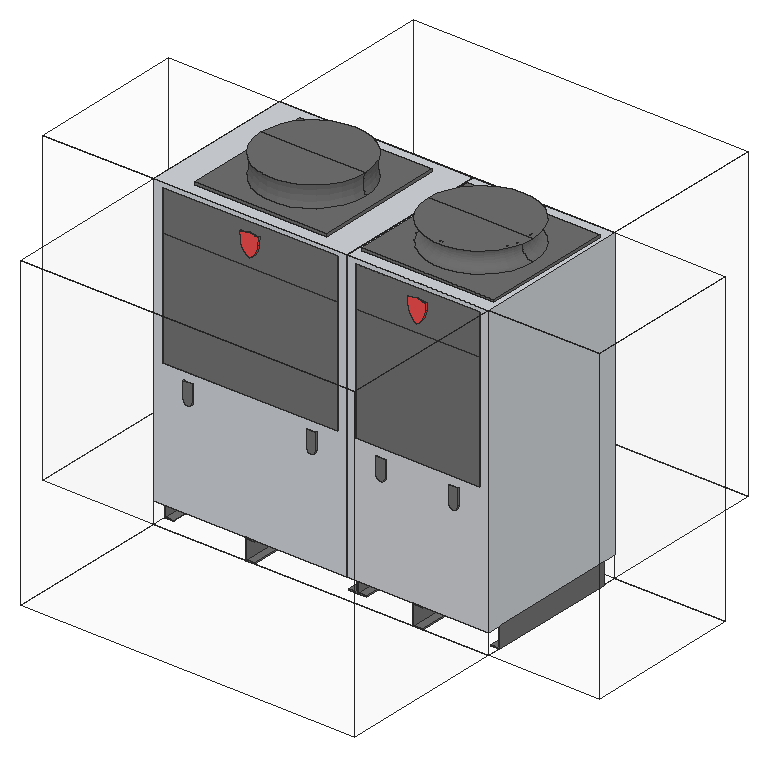
Revit family "Air Source 200,000 BTU", category Mechanical Equipment, Revit 2018
Family settings
  Round Connector Dimension = Use Diameter
  Part Type = Normal
  Work Plane-Based = No
  Always vertical = Yes
  Cut with Voids When Loaded = No
  Shared = No
  Room Calculation Point = No
Parameters (values of type "200,000 BTU")
  WEIGHT = "1,328"
  WATER CONN SIZE = 1 1/2"
  UNIT WIDTH = 41 5/8"
  UNIT LENGTH = 34"
  URL = ""
  SES BIM Studio # = "23 0649 01"
  Manufacturer = "Lochinvar"
  Lbs.R513a = "26"
  Description = "Air Source Heat Pump Water Heater"
  Compressor Type = "Scroll"
  Clearance Right = 24"
  Clearance Rear = 36"
  Clearance Left = 24"
  Clearance Front = 36"
  Clearance [instance] = yes
  BTUH Heating = "196,424"
  Air Volume (CFM) = "7,683"
  440V-480V/3PH/60HZ RLA = "53"
  440V-480V/3PH/60HZ MOCP = "70"
  440V-480V/3PH/60HZ MCA = "66.25"
Reference planes (in)
  plane 1 "Unit Back": y = 0
  plane 2: z = 0
  plane 3 "Center (Left/Right)": x = 0
  plane 4 "Support Top": z = 4.5
  plane 5 "Unit Body Top": z = 66.75
  plane 6 "Fan Top": z = 71.75
  plane 7 "Fan Center": y = -17
  plane 8 "Unit Front": y = -34
  plane 9 "Unit Body Plate Top": z = 67.25
  plane 10 "Unit Right": x = 20.8125
  plane 11 "Unit Left": x = -20.8125
  plane 12 "Water Inlet Center": z = 7.5
  plane 13 "Water Outlet Center": z = 13.5
  plane 14 "Water Inlet/Outlet Center": x = -1.3125
  plane 15 "Flange Back": y = 4.5
  plane 16 "Pipe Back": y = 4.25
  plane 17 "Support Front": y = -31
  plane 18 "Support Back": y = -3
  plane 19: x = 11.25
  plane 20: x = -11.25
  plane 21: x = -2
  plane 22: x = 2
  plane 23: x = -14.25
  plane 24: x = 14.25
  plane 25: y = -2.75
  plane 26: y = -31.25
  plane 27: y = -70
  plane 28: y = 36
  plane 29: x = 75.4375
  plane 30: x = -44.8125
  plane 31: x = 51.4375
Forms (in)
  Extrusion 1, solid
    sketch origin (0, 0, 4.5) x (-1, 0, 0) y (0, -1, 0)
      loop
        line (20.8125, 0) -> (20.8125, 34) -> (-20.8125, 34) -> (-20.8125, 0) -> (20.8125, 0)
    from 0 to 62.25
  Revolve 2, solid, material "Grille/Fan/Supports"
    sketch origin (0, -17, 0) x (-1, 0, 0) y (0, 0, 1)
      loop
        line (0, 71.75) -> (-11.25, 71.75)
        arc (-11.25, 71.75) -> (-10.8028, 69.5) -> (-11.25, 67.25) r 5.88383
        line (-11.25, 67.25) -> (0, 67.25) -> (0, 71.75)
      axis (0, 71.75) -> (0, 67.25)
    angle from 0 to 360
  Extrusion 3, solid, material "Grille/Fan/Supports"
    sketch origin (0, 0, 66.75) x (-1, 0, 0) y (0, -1, 0)
      loop
        line (14.25, 2.75) -> (14.25, 31.25) -> (-14.25, 31.25) -> (-14.25, 2.75) -> (14.25, 2.75)
    from 0 to 0.5
  Extrusion 4, solid
    sketch origin (-20.8125, 0, 4.5) x (1, 0, 0) y (0, 0, -1)
      loop
        circle (19.5, -3) r 0.75
      loop
        circle (19.5, -9) r 0.75
    from 0 to 4.25
  Extrusion 5, solid
    sketch origin (-20.8125, 4.25, 4.5) x (1, 0, 0) y (0, 0, -1)
      loop
        circle (19.5, -9) r 2.25
      loop
        circle (19.5, -3) r 2.25
    from 0 to 0.25
  Extrusion 6, solid, material "Grille/Fan/Supports"
    sketch origin (0, -31, 0) x (-1, 0, 0) y (0, 0, 1)
      loop
        line (20.8125, 4.5) -> (18.8125, 4.5) -> (18.8125, 4.3125) -> (20.625, 4.3125) -> (20.625, 0.1875) -> (18.8125, 0.1875) -> (18.8125, 0) -> (20.8125, 0) -> (20.8125, 4.5)
      loop
        line (-20.8125, 4.5) -> (-20.8125, 0) -> (-18.8125, 0) -> (-18.8125, 0.1875) -> (-20.625, 0.1875) -> (-20.625, 4.3125) -> (-18.8125, 4.3125) -> (-18.8125, 4.5) -> (-20.8125, 4.5)
    from 0 to 28
  Extrusion 7, solid, material "Grille/Fan/Supports"
    sketch origin (0, -34, 0) x (-1, 0, 0) y (0, 0, 1)
      loop
        line (1, 4.5) -> (-1, 4.5) -> (-1, 4.3125) -> (0.8125, 4.3125) -> (0.8125, 0.1875) -> (-1, 0.1875) -> (-1, 0) -> (1, 0) -> (1, 4.5)
    from 0 to 34
  Extrusion 8, solid, material "Grille/Fan/Supports"
    sketch origin (20.8125, -34, 4.5) x (-1, 0, 0) y (0, 0, -1)
      loop
        line (35.125, -25.6875) -> (35.125, -22.1875)
        arc (35.125, -22.1875) -> (34.125, -21.1875) -> (33.125, -22.1875) r 1
        line (33.125, -22.1875) -> (33.125, -25.6875) -> (35.125, -25.6875)
      loop
        line (6.5, -25.6875) -> (8.5, -25.6875) -> (8.5, -22.1875)
        arc (8.5, -22.1875) -> (7.5, -21.1875) -> (6.5, -22.1875) r 1
        line (6.5, -22.1875) -> (6.5, -25.6875)
    from 0 to 0.1875
  Extrusion 9, void
    sketch origin (20.8125, -34, 4.5) x (1, 0, 0) y (0, 0, -1)
      loop
        line (-39.625, -52.5) -> (-2, -52.5) -> (-2, -27.5) -> (-39.625, -27.5) -> (-39.625, -52.5)
    from 0 to 1
  Extrusion 10, solid, material "Grille/Fan/Supports"
    sketch origin (20.8125, -33, 4.5) x (-1, 0, 0) y (0, 0, -1)
      loop
        line (39.625, -52.5) -> (39.625, -27.5) -> (2, -27.5) -> (2, -52.5) -> (39.625, -52.5)
    from 0 to 1
  Extrusion 11, void
    sketch origin (20.8125, -34, 4.5) x (1, 0, 0) y (0, 0, -1)
      loop
        line (-39.625, -61.25) -> (-2, -61.25) -> (-2, -52.5) -> (-39.625, -52.5) -> (-39.625, -61.25)
    from 0 to 1
  Extrusion 12, solid, material "Grille/Fan/Supports"
    sketch origin (20.8125, -33, 4.5) x (-1, 0, 0) y (0, 0, -1)
      loop
        line (39.625, -61.25) -> (39.625, -52.5) -> (2, -52.5) -> (2, -61.25) -> (39.625, -61.25)
    from 0 to 1
  Extrusion 13, solid, material "Logo"
    sketch origin (20.8125, -34, 4.5) x (-1, 0, 0) y (0, 0, -1)
      loop
        line (20.8125, -59.375) -> (22.8125, -59.02235) -> (22.71994, -57.53655)
        arc (22.71994, -57.53655) -> (22.1536, -55.72206) -> (20.8125, -54.375) r 3.99308
        arc (20.8125, -54.375) -> (19.4714, -55.72206) -> (18.90506, -57.53655) r 3.99308
        line (18.90506, -57.53655) -> (18.8125, -59.02235) -> (20.8125, -59.375)
    from 0 to 0.25
  Extrusion 14, solid, material "Clearance", visible <- "Clearance"
    sketch origin (0, 0, 0) x (1, 0, 0) y (0, 1, 0)
      loop
        line (-44.8125, 0) -> (-44.8125, -34) -> (-20.8125, -34) -> (-20.8125, 0) -> (-44.8125, 0)
    from 0 to 66.75
  Extrusion 15, solid, material "Clearance", visible <- "Clearance"
    sketch origin (0, 0, 0) x (1, 0, 0) y (0, 1, 0)
      loop
        line (-20.8125, -34) -> (-20.8125, -70) -> (51.4375, -70) -> (51.4375, -34) -> (-20.8125, -34)
    from 0 to 66.75
  Extrusion 16, solid, material "Clearance", visible <- "Clearance"
    sketch origin (0, 0, 0) x (1, 0, 0) y (0, 1, 0)
      loop
        line (-20.8125, 0) -> (51.4375, 0) -> (51.4375, 36) -> (-20.8125, 36) -> (-20.8125, 0)
    from 0 to 66.75
  Extrusion 17, solid, material "Clearance", visible <- "Clearance"
    sketch origin (0, 0, 0) x (1, 0, 0) y (0, 1, 0)
      loop
        line (51.4375, 0) -> (51.4375, -34) -> (75.4375, -34) -> (75.4375, 0) -> (51.4375, 0)
    from 0 to 66.75
Cuts and joins
  Extrusion 9, Extrusion 11 cuts Extrusion 1
  Extrusion 11 cuts Extrusion 10
Lines and regions (in)
  model lines
    curve 1: line (-20.8125, -34, 65.75) -> (20.8125, -34, 65.75)
    curve 2: line (-18.8125, -34, 65.75) -> (-18.8125, -34, 4.5)
    curve 3: line (18.8125, -34, 65.75) -> (18.8125, -34, 4.5)
    curve 4: line (20.8125, -34, 65.75) -> (20.8125, 0, 65.75)
    curve 5: line (20.8125, 0, 65.75) -> (-20.8125, 0, 65.75)
    curve 6: line (-20.8125, 0, 65.75) -> (-20.8125, -34, 65.75)
    curve 7: line (20.8125, -32, 65.75) -> (20.8125, -32, 4.5)
    curve 8: line (20.8125, -2, 65.75) -> (20.8125, -2, 4.5)
    curve 9: line (-20.8125, -32, 65.75) -> (-20.8125, -32, 4.5)
    curve 10: line (-20.8125, -2, 65.75) -> (-20.8125, -2, 4.5)
    curve 11: line (-18.8125, -34, 31) -> (18.8125, -34, 31)
Dimensions and locks (in)
  equal spacing: plane 1 "Unit Back", plane 7 "Fan Center", plane 8 "Unit Front"
  equal spacing: plane 11 "Unit Left", plane 3 "Center (Left/Right)", plane 10 "Unit Right"
  "UNIT WIDTH": plane 11 "Unit Left" to plane 10 "Unit Right"
  "UNIT LENGTH": plane 8 "Unit Front" to plane 1 "Unit Back"
  equal spacing: plane 20, plane 3 "Center (Left/Right)", plane 19
  locked: plane 20 to plane 19 at 22.5
  equal spacing: plane 21, plane 3 "Center (Left/Right)", plane 22
  locked: plane 21 to plane 22 at 4
  equal spacing: plane 23, plane 3 "Center (Left/Right)", plane 24
  locked: plane 23 to plane 24 at 28.5
  equal spacing: plane 26, plane 7 "Fan Center", plane 25
  locked: plane 26 to plane 25 at 28.5
  locked: plane 17 "Support Front" to plane 8 "Unit Front" at 3
  "Clearance Front": plane 8 "Unit Front" to plane 27
  "Clearance Left": plane 30 to plane 11 "Unit Left"
  "Clearance Rear": plane 1 "Unit Back" to plane 28
  "Clearance Right": plane 31 to plane 29
  locked: plane 3 "Center (Left/Right)" to plane 31 at 51.4375
  aligned and locked: plane 2 to level
  aligned and locked: plane 5 "Unit Body Top" to Extrusion 1
  aligned and locked: plane 1 "Unit Back" to Extrusion 1 sketch curve
  aligned and locked: plane 8 "Unit Front" to Extrusion 1 sketch curve
  aligned and locked: Revolve 2 sketch curve to plane 6 "Fan Top"
  aligned and locked: Revolve 2 sketch curve to plane 9 "Unit Body Plate Top"
  aligned and locked: Extrusion 1 sketch curve to plane 11 "Unit Left"
  aligned and locked: plane 10 "Unit Right" to Extrusion 1 sketch curve
  aligned and locked: plane 14 "Water Inlet/Outlet Center" to Extrusion 4 sketch curve  (x2)
  aligned and locked: plane 12 "Water Inlet Center" to Extrusion 4 sketch curve
  aligned and locked: plane 13 "Water Outlet Center" to Extrusion 4 sketch curve
  aligned and locked: plane 16 "Pipe Back" to Extrusion 4
  aligned and locked: plane 14 "Water Inlet/Outlet Center" to Extrusion 5 sketch curve  (x2)
  aligned and locked: plane 13 "Water Outlet Center" to Extrusion 5 sketch curve
  aligned and locked: plane 12 "Water Inlet Center" to Extrusion 5 sketch curve
  aligned and locked: Extrusion 5 to Extrusion 4
  aligned and locked: plane 18 "Support Back" to Extrusion 6
  aligned and locked: Extrusion 7 to plane 1 "Unit Back"
  aligned and locked: Extrusion 10 sketch curve to cut or joined group of Extrusion 1, Extrusion 9, Extrusion 11  (x2)
  aligned and locked: Extrusion 12 sketch curve to cut or joined group of Extrusion 1, Extrusion 9, Extrusion 11
  aligned and locked: Extrusion 12 sketch curve to curve 2
  aligned and locked: Extrusion 12 sketch curve to cut or joined group of Extrusion 10, Extrusion 11
  aligned and locked: plane 22 to Extrusion 13 sketch curve
  aligned and locked: Extrusion 3 sketch curve to plane 23
  aligned and locked: plane 24 to Extrusion 3 sketch curve
  aligned and locked: plane 25 to Extrusion 3 sketch curve
  aligned and locked: Extrusion 3 sketch curve to plane 26
  aligned and locked: Extrusion 6 to plane 17 "Support Front"
  aligned and locked: plane 1 "Unit Back" to Extrusion 14 sketch curve
  aligned and locked: Extrusion 14 sketch curve to plane 30
  aligned and locked: Extrusion 14 sketch curve to cut or joined group of Extrusion 1, Extrusion 9, Extrusion 11  (x2)
  aligned and locked: Extrusion 15 sketch curve to cut or joined group of Extrusion 1, Extrusion 9, Extrusion 11
  aligned and locked: Extrusion 15 sketch curve to plane 11 "Unit Left"
  aligned and locked: Extrusion 16 sketch curve to cut or joined group of Extrusion 1, Extrusion 9, Extrusion 11  (x2)
  aligned and locked: plane 28 to Extrusion 16 sketch curve
  aligned and locked: Extrusion 16 sketch curve to plane 31
  aligned and locked: plane 31 to Extrusion 15 sketch curve
  aligned and locked: plane 27 to Extrusion 15 sketch curve
  aligned and locked: Extrusion 16 to Extrusion 17 sketch curve
  aligned and locked: Extrusion 17 sketch curve to Extrusion 16
  aligned and locked: Extrusion 17 sketch curve to plane 8 "Unit Front"
  aligned and locked: plane 29 to Extrusion 17 sketch curve
Automatic sketch dimensions
  curve 1 to Extrusion 1 = 0"  (x2)
  curve 3 to Extrusion 1 = 0"
  curve 2 to Extrusion 1 = 0"
  Extrusion 1 to curve 2 = 1"
  Extrusion 1 to curve 2 = 2"
  Extrusion 1 to curve 11 = 26 1/2"
  curve 4 to Extrusion 1 = 0"  (x2)
  curve 8 to Extrusion 1 = 0"
  curve 7 to Extrusion 1 = 0"
  curve 4 to curve 8 = 2"
  Extrusion 1 to curve 7 = 2"
  Extrusion 1 to curve 4 = 1"
  Extrusion 1 to curve 5 = 0"
  curve 5 to Extrusion 1 = 0"
  Extrusion 1 to curve 5 = 1"
  curve 6 to Extrusion 1 = 0"  (x2)
  curve 9 to Extrusion 1 = 0"
  curve 10 to Extrusion 1 = 0"
  curve 6 to curve 9 = 2"
  curve 10 to curve 6 = 2"
  Extrusion 1 to curve 6 = 1"
  level to Extrusion 7 sketch curve = 4 1/2"
  Extrusion 7 sketch curve to plane 14 "Water Inlet/Outlet Center" = 2 5/16"
  Extrusion 7 sketch curve to Extrusion 7 sketch curve = 0"
  Extrusion 7 sketch curve to Extrusion 7 sketch curve = 1 13/16"
  Extrusion 7 sketch curve to Extrusion 7 sketch curve = 3/16"  (x3)
  Extrusion 7 sketch curve to Extrusion 7 sketch curve = 4 1/8"
  Extrusion 6 sketch curve to plane 4 "Support Top" = 0"  (x2)
  plane 10 "Unit Right" to Extrusion 6 sketch curve = 0"
  Extrusion 6 sketch curve to level = 0"  (x2)
  plane 11 "Unit Left" to Extrusion 6 sketch curve = 0"
  plane 10 "Unit Right" to Extrusion 6 sketch curve = 3/16"
  Extrusion 6 sketch curve to Extrusion 6 sketch curve = 1 13/16"  (x2)
  level to Extrusion 6 sketch curve = 3/16"  (x2)
  Extrusion 6 sketch curve to plane 11 "Unit Left" = 2"  (x2)
  Extrusion 6 sketch curve to plane 11 "Unit Left" = 3/16"
  Extrusion 6 sketch curve to plane 4 "Support Top" = 3/16"  (x2)
  Extrusion 8 sketch curve to Extrusion 1 = 6 1/2"
  Extrusion 8 sketch curve to Extrusion 8 sketch curve = 1"  (x2)
  Extrusion 1 to Extrusion 8 sketch curve = 8 1/2"
  Extrusion 1 to Extrusion 8 sketch curve = 25 11/16"
  Extrusion 8 sketch curve to Extrusion 8 sketch curve = 0"
  Extrusion 8 sketch curve to Extrusion 8 sketch curve = 3 1/2"  (x2)
  curve 3 to Extrusion 1 = 2"
  plane 19 to Revolve 2 sketch curve = 0"  (x2)
  Revolve 2 sketch curve to plane 3 "Center (Left/Right)" = 0"  (x2)
  plane 10 "Unit Right" to Revolve 2 sketch curve = 4.12587"
  Revolve 2 sketch curve to plane 5 "Unit Body Top" = 5"
  plane 6 "Fan Top" to Revolve 2 sketch curve = 12"
  Extrusion 11 sketch curve to Extrusion 1 = 2"
  Extrusion 1 to Extrusion 11 sketch curve = 2"
  Extrusion 11 sketch curve to Extrusion 1 = 1"
  Extrusion 11 sketch curve to Extrusion 11 sketch curve = 8 3/4"
  Extrusion 9 sketch curve to Extrusion 1 = 2"
  Extrusion 1 to Extrusion 9 sketch curve = 2"
  Extrusion 9 sketch curve to Extrusion 1 = 9 3/4"
  Extrusion 9 sketch curve to Extrusion 9 sketch curve = 25"
  Extrusion 12 sketch curve to Extrusion 9 = 0"
  Extrusion 13 sketch curve to Extrusion 13 sketch curve = 0.07791"
  Extrusion 13 sketch curve to Extrusion 12 = 3.71345"  (x2)
  Extrusion 13 sketch curve to Extrusion 13 sketch curve = 0.17048"  (x2)
  Extrusion 13 sketch curve to Extrusion 13 sketch curve = 1.90744"
  Extrusion 13 sketch curve to Extrusion 12 = 2.22765"
  Extrusion 13 sketch curve to Extrusion 13 sketch curve = 0.09256"
  Extrusion 13 sketch curve to Extrusion 13 sketch curve = 0.35265"
  Extrusion 13 sketch curve to Extrusion 13 sketch curve = 1.23752"
  Extrusion 13 sketch curve to Extrusion 13 sketch curve = 2"
  Extrusion 13 sketch curve to Extrusion 13 sketch curve = 1.48579"
  Extrusion 13 sketch curve to Extrusion 13 sketch curve = 0.24828"
  Extrusion 10 sketch curve to Extrusion 9 = 0"  (x2)
  radius of Extrusion 4 sketch curve = 3/4"  (x2)
  radius of Extrusion 5 sketch curve = 2 1/4"  (x2)
Nested families (in)
  nested 1: "Air Source 60,000 BTU" at (36.125, 0, 0), type "60,000 BTU"
    with Clearance no
Connectors (in)
  piping at (-1.3125, 4.5, 13.5), diameter 1.5, driven by "WATER CONN SIZE"
    settings: on Extrusion 5, index 1, connector inside diameter 24", connector length 0", flow factor 0, pipe flow 0 GPM, pressure drop 0.00 psi, fitting loss kfactor 0, connector angle 0.00°, fixture units 0, engagement length 0", angle of deflection 0.00°, flow configuration 0, flow direction 2, fitting loss method 0, system type 29, joint type 0, gender type 0, connector reference index -1, connector utility 0, adjustable connector no, is connector primary yes, connector description "Water Out"
  piping at (-1.3125, 4.5, 7.5), diameter 1.5, driven by "WATER CONN SIZE"
    settings: on Extrusion 5, index 2, connector inside diameter 24", connector length 0", flow factor 0, pipe flow 0 GPM, pressure drop 0.00 psi, fitting loss kfactor 0, connector angle 0.00°, fixture units 0, engagement length 0", angle of deflection 0.00°, flow configuration 0, flow direction 1, fitting loss method 0, system type 29, joint type 0, gender type 0, connector reference index -1, connector utility 0, adjustable connector no, is connector primary no, connector description "Water In"
  piping at (34.8125, 4.5, 7.5), diameter 1.5, driven by "WATER CONN SIZE"
    settings: on nested 1, index 3, connector inside diameter 24", connector length 0", flow factor 0, pipe flow 0 GPM, pressure drop 0.00 psi, fitting loss kfactor 0, connector angle 0.00°, fixture units 0, engagement length 0", angle of deflection 0.00°, flow configuration 0, flow direction 1, fitting loss method 0, system type 29, joint type 0, gender type 0, connector reference index -1, connector utility 0, adjustable connector no, is connector primary no, connector description "Water In"
  piping at (34.8125, 4.5, 13.5), diameter 1.5, driven by "WATER CONN SIZE"
    settings: on nested 1, index 4, connector inside diameter 24", connector length 0", flow factor 0, pipe flow 0 GPM, pressure drop 0.00 psi, fitting loss kfactor 0, connector angle 0.00°, fixture units 0, engagement length 0", angle of deflection 0.00°, flow configuration 0, flow direction 2, fitting loss method 0, system type 29, joint type 0, gender type 0, connector reference index -1, connector utility 0, adjustable connector no, is connector primary no, connector description "Water Out"
Definition of nested family "Air Source 60,000 BTU"
  Parameters (values of type "60,000 BTU")
    WEIGHT = "561"
    WATER CONN SIZE = 1 1/2"
    UNIT WIDTH = 30 5/8"
    UNIT LENGTH = 34"
    URL = ""
    SES BIM Studio # = "XX XXXX XX"
    Manufacturer = "Lochinvar"
    Lbs.R513a = "12"
    Description = "Air Source Heat Pump Water Heater"
    Compressor Type = "Scroll"
    Clearance Right = 24"
    Clearance Rear = 36"
    Clearance Left = 24"
    Clearance Front = 36"
    Clearance [instance] = yes
    BTUH Heating = "60,527"
    Air Volume (CFM) = "7,683"
    440V-480V/3PH/60HZ RLA = "18"
    440V-480V/3PH/60HZ MOCP = "25"
    440V-480V/3PH/60HZ MCA = "22.5"
  Reference planes (in)
    plane 1 "Unit Back": y = 0
    plane 2: z = 0
    plane 3 "Center (Left/Right)": x = 0
    plane 4 "Support Top": z = 4.5
    plane 5 "Unit Body Top": z = 66.75
    plane 6 "Fan Top": z = 71.75
    plane 7 "Fan Center": y = -17
    plane 8 "Unit Front": y = -34
    plane 9 "Unit Body Plate Top": z = 67.25
    plane 10 "Unit Right": x = 15.3125
    plane 11 "Unit Left": x = -15.3125
    plane 12 "Water Inlet Center": z = 7.5
    plane 13 "Water Outlet Center": z = 13.5
    plane 14 "Water Inlet/Outlet Center": x = -1.3125
    plane 15 "Flange Back": y = 4.5
    plane 16 "Pipe Back": y = 4.25
    plane 17 "Support Front": y = -31
    plane 18 "Support Back": y = -3
    plane 19: x = 11.25
    plane 20: x = -11.25
    plane 21: x = -2
    plane 22: x = 2
    plane 23: x = -14.25
    plane 24: x = 14.25
    plane 25: y = -2.75
    plane 26: y = -31.25
    plane 27: y = -70
    plane 28: y = 36
    plane 29: x = 39.3125
    plane 30: x = -39.3125
  Forms (in)
    Extrusion 1, solid
      sketch origin (0, 0, 4.5) x (-1, 0, 0) y (0, -1, 0)
        loop
          line (15.3125, 0) -> (15.3125, 34) -> (-15.3125, 34) -> (-15.3125, 0) -> (15.3125, 0)
      from 0 to 62.25
    Revolve 2, solid
      sketch origin (0, -17, 0) x (-1, 0, 0) y (0, 0, 1)
        loop
          line (0, 71.75) -> (-11.25, 71.75)
          arc (-11.25, 71.75) -> (-8.93574, 69.5) -> (-11.25, 67.25) r 2.25089
          line (-11.25, 67.25) -> (0, 67.25) -> (0, 71.75)
        axis (0, 71.75) -> (0, 67.25)
      angle from 0 to 360
    Extrusion 3, solid
      sketch origin (0, 0, 66.75) x (-1, 0, 0) y (0, -1, 0)
        loop
          line (14.25, 2.75) -> (14.25, 31.25) -> (-14.25, 31.25) -> (-14.25, 2.75) -> (14.25, 2.75)
      from 0 to 0.5
    Extrusion 4, solid
      sketch origin (-15.3125, 0, 4.5) x (1, 0, 0) y (0, 0, -1)
        loop
          circle (14, -3) r 0.75
        loop
          circle (14, -9) r 0.75
      from 0 to 4.25
    Extrusion 5, solid
      sketch origin (-15.3125, 4.25, 4.5) x (1, 0, 0) y (0, 0, -1)
        loop
          circle (14, -9) r 2.25
        loop
          circle (14, -3) r 2.25
      from 0 to 0.25
    Extrusion 6, solid
      sketch origin (0, -31, 0) x (-1, 0, 0) y (0, 0, 1)
        loop
          line (15.3125, 4.5) -> (13.3125, 4.5) -> (13.3125, 4.3125) -> (15.125, 4.3125) -> (15.125, 0.1875) -> (13.3125, 0.1875) -> (13.3125, 0) -> (15.3125, 0) -> (15.3125, 4.5)
        loop
          line (-15.3125, 4.5) -> (-15.3125, 0) -> (-13.3125, 0) -> (-13.3125, 0.1875) -> (-15.125, 0.1875) -> (-15.125, 4.3125) -> (-13.3125, 4.3125) -> (-13.3125, 4.5) -> (-15.3125, 4.5)
      from 0 to 28
    Extrusion 7, solid
      sketch origin (0, -34, 0) x (-1, 0, 0) y (0, 0, 1)
        loop
          line (1, 4.5) -> (-1, 4.5) -> (-1, 4.3125) -> (0.8125, 4.3125) -> (0.8125, 0.1875) -> (-1, 0.1875) -> (-1, 0) -> (1, 0) -> (1, 4.5)
      from 0 to 34
    Extrusion 8, solid
      sketch origin (15.3125, -34, 4.5) x (-1, 0, 0) y (0, 0, -1)
        loop
          line (24.125, -25.6875) -> (24.125, -22.1875)
          arc (24.125, -22.1875) -> (23.125, -21.1875) -> (22.125, -22.1875) r 1
          line (22.125, -22.1875) -> (22.125, -25.6875) -> (24.125, -25.6875)
        loop
          line (6.5, -25.6875) -> (8.5, -25.6875) -> (8.5, -22.1875)
          arc (8.5, -22.1875) -> (7.5, -21.1875) -> (6.5, -22.1875) r 1
          line (6.5, -22.1875) -> (6.5, -25.6875)
      from 0 to 0.1875
    Extrusion 9, void
      sketch origin (15.3125, -34, 4.5) x (1, 0, 0) y (0, 0, -1)
        loop
          line (-28.625, -52.5) -> (-2, -52.5) -> (-2, -27.5) -> (-28.625, -27.5) -> (-28.625, -52.5)
      from 0 to 1
    Extrusion 10, solid
      sketch origin (15.3125, -33, 4.5) x (-1, 0, 0) y (0, 0, -1)
        loop
          line (28.625, -52.5) -> (28.625, -27.5) -> (2, -27.5) -> (2, -52.5) -> (28.625, -52.5)
      from 0 to 1
    Extrusion 11, void
      sketch origin (15.3125, -34, 4.5) x (1, 0, 0) y (0, 0, -1)
        loop
          line (-28.625, -61.25) -> (-2, -61.25) -> (-2, -52.5) -> (-28.625, -52.5) -> (-28.625, -61.25)
      from 0 to 1
    Extrusion 12, solid
      sketch origin (15.3125, -33, 4.5) x (-1, 0, 0) y (0, 0, -1)
        loop
          line (28.625, -61.25) -> (28.625, -52.5) -> (2, -52.5) -> (2, -61.25) -> (28.625, -61.25)
      from 0 to 1
    Extrusion 13, solid
      sketch origin (15.3125, -34, 4.5) x (-1, 0, 0) y (0, 0, -1)
        loop
          line (15.3125, -59.375) -> (17.3125, -59.02235) -> (17.21994, -57.53655)
          arc (17.21994, -57.53655) -> (16.6536, -55.72206) -> (15.3125, -54.375) r 3.99308
          arc (15.3125, -54.375) -> (13.9714, -55.72206) -> (13.40506, -57.53655) r 3.99308
          line (13.40506, -57.53655) -> (13.3125, -59.02235) -> (15.3125, -59.375)
      from 0 to 0.25
    Extrusion 14, solid, visible <- "Clearance"
      sketch origin (0, 0, 0) x (1, 0, 0) y (0, 1, 0)
        loop
          line (15.3125, 0) -> (15.3125, -34) -> (39.3125, -34) -> (39.3125, 0) -> (15.3125, 0)
      from 0 to 66.75
    Extrusion 15, solid, visible <- "Clearance"
      sketch origin (0, 0, 0) x (1, 0, 0) y (0, 1, 0)
        loop
          line (-39.3125, 0) -> (-39.3125, -34) -> (-15.3125, -34) -> (-15.3125, 0) -> (-39.3125, 0)
      from 0 to 66.75
    Extrusion 16, solid, visible <- "Clearance"
      sketch origin (0, 0, 0) x (1, 0, 0) y (0, 1, 0)
        loop
          line (-15.3125, -34) -> (-15.3125, -70) -> (15.3125, -70) -> (15.3125, -34) -> (-15.3125, -34)
      from 0 to 66.75
    Extrusion 17, solid, visible <- "Clearance"
      sketch origin (0, 0, 0) x (1, 0, 0) y (0, 1, 0)
        loop
          line (-15.3125, 0) -> (15.3125, 0) -> (15.3125, 36) -> (-15.3125, 36) -> (-15.3125, 0)
      from 0 to 66.75
  Cuts and joins
    Extrusion 9, Extrusion 11 cuts Extrusion 1
    Extrusion 11 cuts Extrusion 10
  Lines and regions (in)
    model lines
      curve 1: line (-15.3125, -34, 65.75) -> (15.3125, -34, 65.75)
      curve 2: line (-13.3125, -34, 65.75) -> (-13.3125, -34, 4.5)
      curve 3: line (13.3125, -34, 65.75) -> (13.3125, -34, 4.5)
      curve 4: line (15.3125, -34, 65.75) -> (15.3125, 0, 65.75)
      curve 5: line (15.3125, 0, 65.75) -> (-15.3125, 0, 65.75)
      curve 6: line (-15.3125, 0, 65.75) -> (-15.3125, -34, 65.75)
      curve 7: line (15.3125, -32, 65.75) -> (15.3125, -32, 4.5)
      curve 8: line (15.3125, -2, 65.75) -> (15.3125, -2, 4.5)
      curve 9: line (-15.3125, -32, 65.75) -> (-15.3125, -32, 4.5)
      curve 10: line (-15.3125, -2, 65.75) -> (-15.3125, -2, 4.5)
      curve 11: line (-13.3125, -34, 31) -> (13.3125, -34, 31)
  Dimensions and locks (in)
    equal spacing: plane 1 "Unit Back", plane 7 "Fan Center", plane 8 "Unit Front"
    equal spacing: plane 11 "Unit Left", plane 3 "Center (Left/Right)", plane 10 "Unit Right"
    "UNIT WIDTH": plane 11 "Unit Left" to plane 10 "Unit Right"
    "UNIT LENGTH": plane 8 "Unit Front" to plane 1 "Unit Back"
    equal spacing: plane 20, plane 3 "Center (Left/Right)", plane 19
    locked: plane 20 to plane 19 at 22.5
    equal spacing: plane 21, plane 3 "Center (Left/Right)", plane 22
    locked: plane 21 to plane 22 at 4
    equal spacing: plane 23, plane 3 "Center (Left/Right)", plane 24
    locked: plane 23 to plane 24 at 28.5
    equal spacing: plane 26, plane 7 "Fan Center", plane 25
    locked: plane 26 to plane 25 at 28.5
    locked: plane 17 "Support Front" to plane 8 "Unit Front" at 3
    "Clearance Front": plane 8 "Unit Front" to plane 27
    "Clearance Left": plane 30 to plane 11 "Unit Left"
    "Clearance Right": plane 10 "Unit Right" to plane 29
    "Clearance Rear": plane 1 "Unit Back" to plane 28
    aligned and locked: plane 2 to level
    aligned and locked: plane 5 "Unit Body Top" to Extrusion 1
    aligned and locked: plane 1 "Unit Back" to Extrusion 1 sketch curve
    aligned and locked: plane 8 "Unit Front" to Extrusion 1 sketch curve
    aligned and locked: Revolve 2 sketch curve to plane 6 "Fan Top"
    aligned and locked: Revolve 2 sketch curve to plane 9 "Unit Body Plate Top"
    aligned and locked: Extrusion 1 sketch curve to plane 11 "Unit Left"
    aligned and locked: plane 10 "Unit Right" to Extrusion 1 sketch curve
    aligned and locked: plane 14 "Water Inlet/Outlet Center" to Extrusion 4 sketch curve  (x2)
    aligned and locked: plane 12 "Water Inlet Center" to Extrusion 4 sketch curve
    aligned and locked: plane 13 "Water Outlet Center" to Extrusion 4 sketch curve
    aligned and locked: plane 16 "Pipe Back" to Extrusion 4
    aligned and locked: plane 14 "Water Inlet/Outlet Center" to Extrusion 5 sketch curve  (x2)
    aligned and locked: plane 13 "Water Outlet Center" to Extrusion 5 sketch curve
    aligned and locked: plane 12 "Water Inlet Center" to Extrusion 5 sketch curve
    aligned and locked: Extrusion 5 to Extrusion 4
    aligned and locked: plane 18 "Support Back" to Extrusion 6
    aligned and locked: Extrusion 7 to plane 1 "Unit Back"
    aligned and locked: Extrusion 10 sketch curve to cut or joined group of Extrusion 1, Extrusion 9, Extrusion 11  (x2)
    aligned and locked: Extrusion 12 sketch curve to cut or joined group of Extrusion 1, Extrusion 9, Extrusion 11
    aligned and locked: Extrusion 12 sketch curve to curve 2
    aligned and locked: Extrusion 12 sketch curve to cut or joined group of Extrusion 10, Extrusion 11
    aligned and locked: plane 22 to Extrusion 13 sketch curve
    aligned and locked: Extrusion 3 sketch curve to plane 23
    aligned and locked: plane 24 to Extrusion 3 sketch curve
    aligned and locked: plane 25 to Extrusion 3 sketch curve
    aligned and locked: Extrusion 3 sketch curve to plane 26
    aligned and locked: Extrusion 6 to plane 17 "Support Front"
    aligned and locked: Extrusion 14 sketch curve to cut or joined group of Extrusion 1, Extrusion 9, Extrusion 11  (x2)
    aligned and locked: plane 8 "Unit Front" to Extrusion 14 sketch curve
    aligned and locked: plane 29 to Extrusion 14 sketch curve
    aligned and locked: plane 1 "Unit Back" to Extrusion 15 sketch curve
    aligned and locked: Extrusion 15 sketch curve to plane 30
    aligned and locked: Extrusion 15 sketch curve to cut or joined group of Extrusion 1, Extrusion 9, Extrusion 11  (x2)
    aligned and locked: Extrusion 16 sketch curve to cut or joined group of Extrusion 1, Extrusion 9, Extrusion 11
    aligned and locked: Extrusion 16 sketch curve to plane 11 "Unit Left"
    aligned and locked: plane 27 to Extrusion 16 sketch curve
    aligned and locked: plane 10 "Unit Right" to Extrusion 16 sketch curve
    aligned and locked: Extrusion 17 sketch curve to cut or joined group of Extrusion 1, Extrusion 9, Extrusion 11  (x2)
    aligned and locked: plane 28 to Extrusion 17 sketch curve
    aligned and locked: Extrusion 17 sketch curve to plane 10 "Unit Right"
  Automatic sketch dimensions
    curve 1 to Extrusion 1 = 0"  (x2)
    curve 3 to Extrusion 1 = 0"
    curve 2 to Extrusion 1 = 0"
    Extrusion 1 to curve 2 = 1"
    Extrusion 1 to curve 2 = 2"
    Extrusion 1 to curve 11 = 26 1/2"
    curve 4 to Extrusion 1 = 0"  (x2)
    curve 8 to Extrusion 1 = 0"
    curve 7 to Extrusion 1 = 0"
    curve 4 to curve 8 = 2"
    Extrusion 1 to curve 7 = 2"
    Extrusion 1 to curve 4 = 1"
    Extrusion 1 to curve 5 = 0"
    curve 5 to Extrusion 1 = 0"
    Extrusion 1 to curve 5 = 1"
    curve 6 to Extrusion 1 = 0"  (x2)
    curve 9 to Extrusion 1 = 0"
    curve 10 to Extrusion 1 = 0"
    curve 6 to curve 9 = 2"
    curve 10 to curve 6 = 2"
    Extrusion 1 to curve 6 = 1"
    level to Extrusion 7 sketch curve = 4 1/2"
    Extrusion 7 sketch curve to plane 14 "Water Inlet/Outlet Center" = 2 5/16"
    Extrusion 7 sketch curve to Extrusion 7 sketch curve = 0"
    Extrusion 7 sketch curve to Extrusion 7 sketch curve = 1 13/16"
    Extrusion 7 sketch curve to Extrusion 7 sketch curve = 3/16"  (x3)
    Extrusion 7 sketch curve to Extrusion 7 sketch curve = 4 1/8"
    Extrusion 6 sketch curve to plane 4 "Support Top" = 0"  (x2)
    plane 10 "Unit Right" to Extrusion 6 sketch curve = 0"
    Extrusion 6 sketch curve to level = 0"  (x2)
    plane 11 "Unit Left" to Extrusion 6 sketch curve = 0"
    plane 10 "Unit Right" to Extrusion 6 sketch curve = 3/16"
    Extrusion 6 sketch curve to Extrusion 6 sketch curve = 1 13/16"  (x2)
    level to Extrusion 6 sketch curve = 3/16"  (x2)
    Extrusion 6 sketch curve to plane 11 "Unit Left" = 2"  (x2)
    Extrusion 6 sketch curve to plane 11 "Unit Left" = 3/16"
    Extrusion 6 sketch curve to plane 4 "Support Top" = 3/16"  (x2)
    Extrusion 8 sketch curve to Extrusion 1 = 6 1/2"
    Extrusion 8 sketch curve to Extrusion 8 sketch curve = 1"  (x2)
    Extrusion 1 to Extrusion 8 sketch curve = 8 1/2"
    Extrusion 1 to Extrusion 8 sketch curve = 25 11/16"
    Extrusion 8 sketch curve to Extrusion 8 sketch curve = 0"
    Extrusion 8 sketch curve to Extrusion 8 sketch curve = 3 1/2"  (x2)
    curve 3 to Extrusion 1 = 2"
    plane 19 to Revolve 2 sketch curve = 0"  (x2)
    Revolve 2 sketch curve to plane 3 "Center (Left/Right)" = 0"  (x2)
    plane 10 "Unit Right" to Revolve 2 sketch curve = 4.12587"
    Revolve 2 sketch curve to plane 5 "Unit Body Top" = 5"
    plane 6 "Fan Top" to Revolve 2 sketch curve = 12"
    Extrusion 11 sketch curve to Extrusion 1 = 2"
    Extrusion 1 to Extrusion 11 sketch curve = 2"
    Extrusion 11 sketch curve to Extrusion 1 = 1"
    Extrusion 11 sketch curve to Extrusion 11 sketch curve = 8 3/4"
    Extrusion 9 sketch curve to Extrusion 1 = 2"
    Extrusion 1 to Extrusion 9 sketch curve = 2"
    Extrusion 9 sketch curve to Extrusion 1 = 9 3/4"
    Extrusion 9 sketch curve to Extrusion 9 sketch curve = 25"
    Extrusion 12 sketch curve to Extrusion 9 = 0"
    Extrusion 13 sketch curve to Extrusion 13 sketch curve = 0.07791"
    Extrusion 13 sketch curve to Extrusion 12 = 3.71345"  (x2)
    Extrusion 13 sketch curve to Extrusion 13 sketch curve = 0.17048"  (x2)
    Extrusion 13 sketch curve to Extrusion 13 sketch curve = 1.90744"
    Extrusion 13 sketch curve to Extrusion 12 = 2.22765"
    Extrusion 13 sketch curve to Extrusion 13 sketch curve = 0.09256"
    Extrusion 13 sketch curve to Extrusion 13 sketch curve = 0.35265"
    Extrusion 13 sketch curve to Extrusion 13 sketch curve = 1.23752"
    Extrusion 13 sketch curve to Extrusion 13 sketch curve = 2"
    Extrusion 13 sketch curve to Extrusion 13 sketch curve = 1.48579"
    Extrusion 13 sketch curve to Extrusion 13 sketch curve = 0.24828"
    Extrusion 10 sketch curve to Extrusion 9 = 0"  (x2)
    radius of Extrusion 4 sketch curve = 3/4"  (x2)
    radius of Extrusion 5 sketch curve = 2 1/4"  (x2)
  Connectors (in)
    piping at (-1.3125, 4.5, 13.5), diameter 1.5, driven by "WATER CONN SIZE"
      settings: on Extrusion 5, index 1, connector inside diameter 24", connector length 0", flow factor 0, pipe flow 0 GPM, pressure drop 0.00 psi, fitting loss kfactor 0, connector angle 0.00°, fixture units 0, engagement length 0", angle of deflection 0.00°, flow configuration 0, flow direction 2, fitting loss method 0, system type 29, joint type 0, gender type 0, connector reference index -1, connector utility 0, adjustable connector no, is connector primary yes, connector description "Water Out"
    piping at (-1.3125, 4.5, 7.5), diameter 1.5, driven by "WATER CONN SIZE"
      settings: on Extrusion 5, index 2, connector inside diameter 24", connector length 0", flow factor 0, pipe flow 0 GPM, pressure drop 0.00 psi, fitting loss kfactor 0, connector angle 0.00°, fixture units 0, engagement length 0", angle of deflection 0.00°, flow configuration 0, flow direction 1, fitting loss method 0, system type 29, joint type 0, gender type 0, connector reference index -1, connector utility 0, adjustable connector no, is connector primary no, connector description "Water In"
